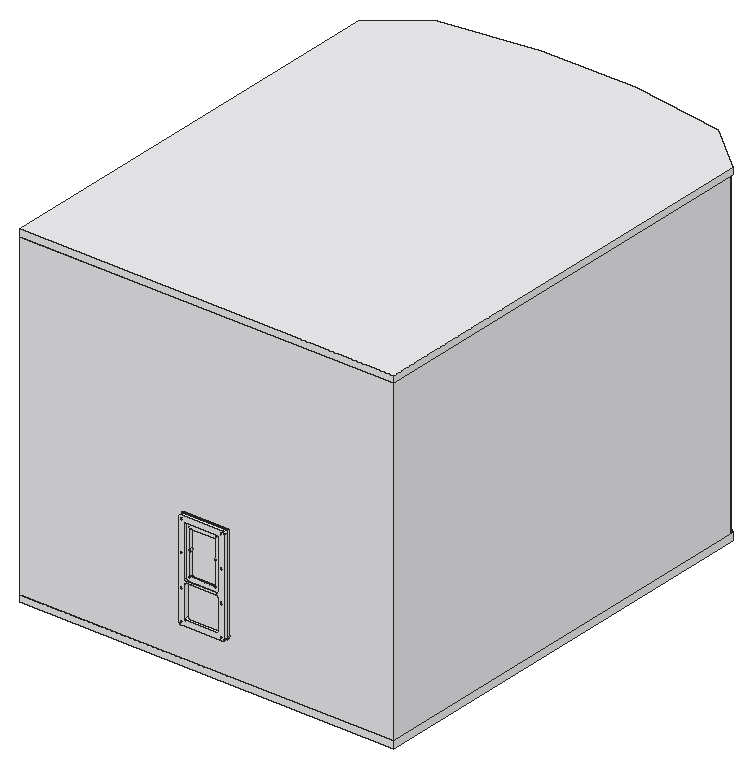
Revit family "EVC-1181S", category Communication Devices, Revit 2017 (continued)
Definition of nested family "InputPanel_small"
  Lines and regions (mm)
    model lines
      curve 1095: line (-25.785, -4.337, 36.802) -> (-27.579, -4.337, 34.613)
      curve 1096: line (-27.579, -4.337, 34.613) -> (-27.088, -4.337, 34.281)
      curve 1097: line (-25.785, -4.337, 43.108) -> (-27.578, -4.337, 40.92)
      curve 1098: line (-27.578, -4.337, 40.92) -> (-27.087, -4.337, 40.587)
      curve 1099: line (-25.812, -4.337, 37.057) -> (-27.412, -4.337, 35.105)
      curve 1100: line (-27.412, -4.337, 35.105) -> (-27.981, -4.337, 35.105)
      curve 1101: line (-27.981, -4.337, 35.105) -> (-25.943, -4.337, 37.592)
      curve 1102: line (-25.812, -4.337, 43.363) -> (-27.411, -4.337, 41.411)
      curve 1103: line (-27.411, -4.337, 41.411) -> (-27.981, -4.337, 41.411)
      curve 1104: line (-27.981, -4.337, 41.411) -> (-25.943, -4.337, 43.898)
      curve 1105: line (-25.786, -4.337, 30.496) -> (-27.579, -4.337, 28.307)
      curve 1106: line (-27.579, -4.337, 28.307) -> (-27.088, -4.337, 27.974)
      curve 1107: line (-25.787, -4.337, 24.189) -> (-27.58, -4.337, 22.001)
      curve 1108: line (-27.58, -4.337, 22.001) -> (-27.089, -4.337, 21.668)
      curve 1109: line (-25.814, -4.337, 24.444) -> (-27.413, -4.337, 22.492)
      curve 1110: line (-27.413, -4.337, 22.492) -> (-27.983, -4.337, 22.492)
      curve 1111: line (-27.983, -4.337, 22.492) -> (-25.945, -4.337, 24.979)
      curve 1112: line (-25.813, -4.337, 30.75) -> (-27.412, -4.337, 28.798)
      curve 1113: line (-27.412, -4.337, 28.798) -> (-27.982, -4.337, 28.799)
      curve 1114: line (-27.982, -4.337, 28.799) -> (-25.944, -4.337, 31.286)
      curve 1115: line (-22.849, -4.337, 23.874) -> (-22.85, -4.337, 20.831)
      curve 1116: line (-22.85, -4.337, 20.831) -> (-17.426, -4.337, 20.83)
      curve 1117: line (-17.426, -4.337, 20.83) -> (-17.423, -4.337, 46.056)
      curve 1118: line (-17.423, -4.337, 46.056) -> (-22.846, -4.337, 46.056)
      curve 1119: line (-22.846, -4.337, 46.056) -> (-24.27, -4.337, 46.056)
      curve 1120: line (-24.27, -4.337, 46.056) -> (-21.157, -4.337, 46.184)
      curve 1121: line (-21.157, -4.337, 46.184) -> (-21.035, -4.337, 46.361)
      curve 1122: line (-24.273, -4.337, 20.831) -> (-22.85, -4.337, 20.831)
      curve 1123: line (-16.642, -4.337, 39.451) -> (-16.643, -4.337, 33.939)
      curve 1124: line (-16.643, -4.337, 33.939) -> (-12.428, -4.337, 33.939)
      curve 1125: line (-12.428, -4.337, 33.939) -> (-12.427, -4.337, 39.451)
      curve 1126: line (-12.427, -4.337, 39.451) -> (-16.642, -4.337, 39.451)
      curve 1127: line (-12.427, -4.337, 40.047) -> (-12.426, -4.337, 45.558)
      curve 1128: line (-12.426, -4.337, 45.558) -> (-16.641, -4.337, 45.559)
      curve 1129: line (-16.641, -4.337, 45.559) -> (-16.642, -4.337, 40.047)
      curve 1130: line (-16.642, -4.337, 40.047) -> (-12.427, -4.337, 40.047)
      curve 1131: line (-17.1, -4.337, 20.83) -> (-17.097, -4.337, 46.055)
      curve 1132: line (-17.097, -4.337, 46.055) -> (-11.97, -4.337, 46.055)
      curve 1133: line (-11.97, -4.337, 46.055) -> (-11.974, -4.337, 20.83)
      curve 1134: line (-11.974, -4.337, 20.83) -> (-17.1, -4.337, 20.83)
      curve 1135: line (-17.1, -4.337, 20.83) -> (-17.426, -4.337, 20.83)
      curve 1136: line (-16.644, -4.337, 26.839) -> (-16.644, -4.337, 21.327)
      curve 1137: line (-16.644, -4.337, 21.327) -> (-12.429, -4.337, 21.326)
      curve 1138: line (-12.429, -4.337, 21.326) -> (-12.428, -4.337, 26.838)
      curve 1139: line (-12.428, -4.337, 26.838) -> (-16.644, -4.337, 26.839)
      curve 1140: line (-12.428, -4.337, 27.434) -> (-12.428, -4.337, 32.946)
      curve 1141: line (-12.428, -4.337, 32.946) -> (-16.643, -4.337, 32.946)
      curve 1142: line (-16.643, -4.337, 32.946) -> (-16.644, -4.337, 27.434)
      curve 1143: line (-16.644, -4.337, 27.434) -> (-12.428, -4.337, 27.434)
      curve 1144: line (-17.097, -4.337, 46.055) -> (-17.423, -4.337, 46.056)
      curve 1145: line (-17.423, -4.337, 46.056) -> (-14.161, -4.337, 46.183)
      curve 1146: line (-14.161, -4.337, 46.183) -> (-14.039, -4.337, 46.36)
      curve 1147: line (-14.039, -4.337, 46.36) -> (-17.172, -4.337, 46.36)
      curve 1148: line (-17.172, -4.337, 46.36) -> (-17.294, -4.337, 46.183)
      curve 1149: line (-16.642, -4.337, 38.284) -> (-15.234, -4.337, 38.284)
      curve 1150: line (-15.234, -4.337, 38.284) -> (-14.908, -4.337, 38.972)
      curve 1151: line (-14.908, -4.337, 38.972) -> (-14.523, -4.337, 39.451)
      curve 1152: line (-16.644, -4.337, 25.672) -> (-15.235, -4.337, 25.671)
      curve 1153: line (-15.235, -4.337, 25.671) -> (-14.91, -4.337, 26.36)
      curve 1154: line (-14.91, -4.337, 26.36) -> (-14.525, -4.337, 26.838)
      curve 1155: line (-16.644, -4.337, 28.601) -> (-15.235, -4.337, 28.601)
      curve 1156: line (-15.235, -4.337, 28.601) -> (-14.91, -4.337, 27.913)
      curve 1157: line (-14.91, -4.337, 27.913) -> (-14.525, -4.337, 27.434)
      curve 1158: line (-16.642, -4.337, 41.214) -> (-15.234, -4.337, 41.214)
      curve 1159: line (-15.234, -4.337, 41.214) -> (-14.908, -4.337, 40.526)
      curve 1160: line (-14.908, -4.337, 40.526) -> (-14.523, -4.337, 40.047)
      curve 1161: line (-16.643, -4.337, 31.978) -> (-15.235, -4.337, 31.978)
      curve 1162: line (-15.235, -4.337, 31.978) -> (-14.909, -4.337, 32.666)
      curve 1163: line (-14.909, -4.337, 32.666) -> (-14.684, -4.337, 32.946)
      curve 1164: line (-16.642, -4.337, 44.591) -> (-15.233, -4.337, 44.59)
      curve 1165: line (-15.233, -4.337, 44.59) -> (-14.908, -4.337, 45.278)
      curve 1166: line (-14.908, -4.337, 45.278) -> (-14.682, -4.337, 45.559)
      curve 1167: line (-16.643, -4.337, 34.908) -> (-15.234, -4.337, 34.907)
      curve 1168: line (-15.234, -4.337, 34.907) -> (-14.909, -4.337, 34.219)
      curve 1169: line (-14.684, -4.337, 33.939) -> (-14.909, -4.337, 34.219)
      curve 1170: line (-14.909, -4.337, 34.219) -> (-14.908, -4.337, 38.972)
      curve 1171: line (-16.644, -4.337, 22.295) -> (-15.236, -4.337, 22.295)
      curve 1172: line (-15.236, -4.337, 22.295) -> (-14.911, -4.337, 21.607)
      curve 1173: line (-14.911, -4.337, 21.607) -> (-14.91, -4.337, 26.36)
      curve 1174: line (-14.685, -4.337, 21.327) -> (-14.911, -4.337, 21.607)
      curve 1175: line (-15.235, -4.337, 28.601) -> (-15.235, -4.337, 31.978)
      curve 1176: line (-15.234, -4.337, 41.214) -> (-15.233, -4.337, 44.59)
      curve 1177: line (-15.235, -4.337, 25.671) -> (-15.236, -4.337, 22.295)
      curve 1178: line (-15.234, -4.337, 38.284) -> (-15.234, -4.337, 34.907)
      curve 1179: line (-17.172, -4.337, 46.36) -> (-17.172, -4.337, 46.622)
      curve 1180: line (-17.172, -4.337, 46.622) -> (-14.039, -4.337, 46.621)
      curve 1181: line (-14.039, -4.337, 46.621) -> (-14.039, -4.337, 46.36)
      curve 1182: line (-17.172, -4.337, 46.622) -> (-17.753, -4.337, 46.622)
      curve 1183: line (-17.753, -4.337, 46.622) -> (-17.753, -4.337, 46.36)
      curve 1184: line (-17.753, -4.337, 46.36) -> (-17.631, -4.337, 46.183)
      curve 1185: line (-13.525, -4.337, 40.047) -> (-13.524, -4.337, 45.558)
      curve 1186: line (-13.527, -4.337, 27.434) -> (-13.526, -4.337, 32.946)
      curve 1187: line (-13.527, -4.337, 21.326) -> (-13.527, -4.337, 26.838)
      curve 1188: line (-13.526, -4.337, 33.939) -> (-13.525, -4.337, 39.451)
      curve 1189: line (-14.91, -4.337, 27.913) -> (-14.909, -4.337, 32.666)
      curve 1190: line (-14.908, -4.337, 40.526) -> (-14.908, -4.337, 45.278)
      curve 1191: line (-24.168, -4.337, 46.361) -> (-24.29, -4.337, 46.184)
      curve 1192: line (-24.168, -4.337, 46.622) -> (-24.168, -4.337, 46.361)
      curve 1193: line (-24.168, -4.337, 46.361) -> (-21.035, -4.337, 46.361)
      curve 1194: line (-21.035, -4.337, 46.361) -> (-21.035, -4.337, 46.622)
      curve 1195: line (-21.035, -4.337, 46.622) -> (-24.168, -4.337, 46.622)
      curve 1196: line (-24.168, -4.337, 46.622) -> (-24.749, -4.337, 46.623)
      curve 1197: line (-24.749, -4.337, 46.623) -> (-24.749, -4.337, 46.361)
      curve 1198: line (-24.749, -4.337, 46.361) -> (-24.627, -4.337, 46.184)
      curve 1199: line (-50.251, -4.337, 21.031) -> (-50.248, -4.337, 45.862)
      curve 1200: line (-50.193, -4.337, 45.807) -> (-50.196, -4.337, 21.086)
      curve 1201: line (-49.239, -4.337, 46.871) -> (-11.796, -4.337, 46.867)
      curve 1202: line (-11.851, -4.337, 46.812) -> (-49.184, -4.337, 46.816)
      curve 1203: line (-10.787, -4.337, 45.858) -> (-10.79, -4.337, 21.027)
      curve 1204: line (-10.79, -4.337, 21.029) -> (-10.842, -4.337, 45.803)
      curve 1205: line (-11.799, -4.337, 20.018) -> (-49.243, -4.337, 20.022)
      curve 1206: line (-49.188, -4.337, 20.077) -> (-11.854, -4.337, 20.073)
      curve 1207: line (-32.649, -4.337, 30.292) -> (-31.03, -4.337, 30.291)
      curve 1208: line (-31.03, -4.337, 30.291) -> (-30.696, -4.337, 30.291)
      curve 1209: line (-32.65, -4.337, 23.985) -> (-31.031, -4.337, 23.985)
      curve 1210: line (-31.031, -4.337, 23.985) -> (-30.698, -4.337, 23.985)
      curve 1211: line (-32.649, -4.337, 36.598) -> (-31.029, -4.337, 36.598)
      curve 1212: line (-31.029, -4.337, 36.598) -> (-30.696, -4.337, 36.598)
      curve 1213: line (-32.648, -4.337, 42.904) -> (-31.028, -4.337, 42.904)
      curve 1214: line (-31.028, -4.337, 42.904) -> (-30.695, -4.337, 42.904)
      curve 1215: line (-28.39, -4.337, 36.597) -> (-30.009, -4.337, 36.598)
      curve 1216: line (-30.009, -4.337, 36.598) -> (-30.343, -4.337, 36.598)
      curve 1217: line (-28.389, -4.337, 42.904) -> (-30.008, -4.337, 42.904)
      curve 1218: line (-30.008, -4.337, 42.904) -> (-30.341, -4.337, 42.904)
      curve 1219: line (-28.39, -4.337, 30.291) -> (-30.01, -4.337, 30.291)
      curve 1220: line (-30.01, -4.337, 30.291) -> (-30.343, -4.337, 30.291)
      curve 1221: line (-28.391, -4.337, 23.985) -> (-30.011, -4.337, 23.985)
      curve 1222: line (-30.011, -4.337, 23.985) -> (-30.344, -4.337, 23.985)
Definition of nested family "L-EV"
  Parameters (values of type "L-EV")
    Material = ""
    Default Elevation = 1219.20 mm
  Reference planes
    plane 1 "Center (Front/Back)": y = 0
    plane 2: z = 0
    plane 3 "Center (Left/Right)": x = 0
  Forms (mm)
    Extrusion 1, solid, not visible
      sketch origin (18.736, -0.5, -73.012) x (1, 0, 0) y (0, 0, 1)
        loop
          arc (-38.866, 94.012) -> (-39.481, 93.758) -> (-39.736, 93.143) r 0.869
          line (-39.736, 93.143) -> (-39.736, 52.882)
          arc (-39.736, 52.882) -> (-39.481, 52.267) -> (-38.866, 52.012) r 0.869
          line (-38.866, 52.012) -> (1.395, 52.012)
          arc (1.395, 52.012) -> (2.01, 52.267) -> (2.264, 52.882) r 0.869
          line (2.264, 52.882) -> (2.264, 93.143)
          arc (2.264, 93.143) -> (2.01, 93.758) -> (1.395, 94.012) r 0.869
          line (1.395, 94.012) -> (-38.866, 94.012)
      from 0 to -0.5
    Extrusion 2, solid, detail levels fine
      sketch origin (18.736, 4, -73.24) x (1, 0, 0) y (0, 0, 1)
        loop
          line (-37.736, 92.24) -> (-37.736, 54.24) -> (0.264, 54.24) -> (0.264, 92.24) -> (-37.736, 92.24)
        loop
          line (-33.659, 85.319) -> (-33.659, 66.596) -> (-21.783, 66.596) -> (-21.783, 70.665) -> (-29.2, 70.665) -> (-29.2, 73.924) -> (-21.783, 73.924) -> (-21.783, 77.992) -> (-29.2, 77.992) -> (-29.2, 81.251) -> (-21.783, 81.251) -> (-21.783, 85.319) -> (-33.659, 85.319)
        loop
          line (-20.026, 77.992) -> (-20.026, 73.924) -> (-17.153, 73.924) -> (-17.153, 59.688) -> (-12.74, 59.688) -> (-2.619, 82.277) -> (-7.421, 82.277) -> (-12.694, 70.408) -> (-12.694, 77.992) -> (-20.026, 77.992)
      from 4.5 to 5
    Extrusion 3, solid, detail levels medium+fine
      sketch origin (0, 0, 0) x (1, 0, 0) y (0, 0, 1)
        loop
          line (19.816, 21) -> (-19.816, 21)
          arc (-19.816, 21) -> (-20.653, 20.653) -> (-21, 19.816) r 1.184
          line (-21, 19.816) -> (-21, -19.816)
          arc (-21, -19.816) -> (-20.653, -20.653) -> (-19.816, -21) r 1.184
          line (-19.816, -21) -> (19.816, -21)
          arc (19.816, -21) -> (20.653, -20.653) -> (21, -19.816) r 1.184
          line (21, -19.816) -> (21, 19.816)
          arc (21, 19.816) -> (20.653, 20.653) -> (19.816, 21) r 1.184
      from -1 to 0.5
Definition of nested family "2D_CabinetLoudspeaker"
  Parameters (values of type "LoudSpeaker")
    Pan2D [instance] = 0.00°
  Reference planes
    plane 1: y = 0
    plane 2: x = 0
  Lines and regions (mm)
    Masking region 1
      outline origin (0, 0, 0) x (0, -1, 0) y (1, 0, 0)
        loop
          circle (0, 0) r 4.2
    detail lines
      curve 1: line (1.484, 2.897, 0) -> (1.484, 1.008, 0)
      curve 2: line (-1.484, 2.897, 0) -> (1.484, 2.897, 0)
      curve 3: line (-1.484, 1.008, 0) -> (-1.484, 2.897, 0)
      curve 4: line (1.484, 1.008, 0) -> (3.102, -1.911, 0)
      curve 5: line (3.102, -1.911, 0) -> (-3.102, -1.911, 0)
      curve 6: line (-3.102, -1.911, 0) -> (-1.484, 1.008, 0)
      curve 8: line (-1.484, 1.008, 0) -> (1.484, 1.008, 0)
    reference lines
      curve 7: line (0, 0, 0) -> (0, -10.967, 0)
  Dimensions and locks
    "Pan2D": angle curve 7 to plane 2
    aligned and locked: curve 8 to curve 4
    aligned and locked: curve 8 to curve 3
    aligned and locked: curve 1 to curve 8
    aligned and locked: curve 6 to curve 8
    aligned and locked: plane 2 to curve 7
    aligned and locked: plane 1 to curve 7
  Automatic sketch dimensions
    Masking region 1 sketch curve to curve 7 = 0.00 mm  (x2)
    curve 3 to curve 7 = 2.897 mm
    curve 3 to curve 7 = 1.008 mm
    curve 4 to curve 7 = 1.008 mm
    curve 7 to curve 5 = 1.911 mm
    curve 6 to curve 7 = 3.102 mm
    curve 7 to curve 2 = 1.484 mm
    curve 7 to curve 1 = 1.484 mm
    curve 7 to curve 4 = 3.102 mm
    radius of Masking region 1 sketch curve = 4.20 mm
Types (5, lengths in mm): name | ModelNumber | MaterialRALColour | LoudspeakerMaterial | GrillMaterial | CTN
  (no name) | "F.01U.329.303" | "RAL9010" | 13-plyWeather-resistantBirchEVCoat -RAL9010 | 16GA Powder-coatedGalvanneal - W | "EVC1181W"
  EVC1181SB_18"_Speaker_Black | "F.01U.329.302" | "RAL9004" | 13-plyWeather-resistantBirchEVCoat -RAL9004 | 16GA Powder-coatedGalvanneal - B | "EVC1181SB"
  EVC1181SPIB_18"_Speaker_Black | "F.01U.329.304" | "RAL9004" | 13-plyWeather-resistantBirchEVCoat -RAL9004 | 16GA Powder-coatedGalvanneal - B | "EVC1181PIB"
  EVC1181SW_18"_Speaker_White | "F.01U.329.303" | "RAL9010" | 13-plyWeather-resistantBirchEVCoat -RAL9010 | 16GA Powder-coatedGalvanneal - W | "EVC1181W"
  EVC1181SPIW_18"_Speaker_White | "F.01U.329.305" | "RAL9010" | 13-plyWeather-resistantBirchEVCoat -RAL9010 | 16GA Powder-coatedGalvanneal - W | "EVC1181PIW"
